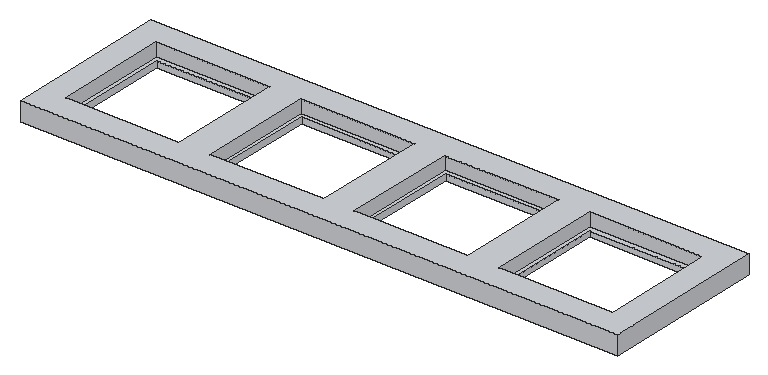
Revit family "Gira_021433", category Electrical Fixtures, host Face, Revit 2017
Family settings
  Host = Face
  Maintain Annotation Orientation = No
  Round Connector Dimension = Use Diameter
  Part Type = Normal
  Cut with Voids When Loaded = No
  Shared = No
  Room Calculation Point = No
Parameters (values of type "Cov.fr. 4-g Gira E2 stainl.steel")
  With mounting grid = "No"
  With hinged lid = "No"
  URL = "http://katalog.gira.de/en/datenblatt.html?artikelnr=021433"
  Type of fastening = "Clamp mounting"
  Transparent = "No"
  Surface protection = "Other"
  Suitable for wall duct = "No"
  Suitable for flush-mounted installation = "Yes"
  Suitable for floor box = "No"
  Suitable for built-in installation = "No"
  Number of units vertical = "4"
  Number of units horizontal = "4"
  Number of units = "4"
  Name = "Cov.fr. 4-g Gira E2 stainl.steel"
  Mounting direction = "Horizontal and vertical"
  Material quality = "Stainless steel"
  Material = "Metal"
  Manufacturer URL = "https://www.gira.de/"
  Manufacturer = "Gira"
  Label space/information surface = "No"
  Keynote = ""
  HeinzeBIM = "https://bimportal.heinze.de/bim/cov-fr-4-g-gira-e2-stainl-steel/dfda0ff0cea59fe803528272e6bfcbbc8bd1dbe7"
  Halogen free = "No"
  HAN = "021433"
  GTIN = "4010337019824"
  Description = "Cov.fr.4g E2 SST,Gira E2 cover frame,Stainless steel,4-gang,Notes :,- Also suitable for duct installation.,- In connection with the seal kit, frame (1-gang to 5-gang) is also suitable for installation as water-protected flush-mounted IP44."
  Degree of protection (IP) = "IP20"
  Default Elevation = 1219.2 mm
  Data sheet (1) = "https://katalog.gira.de/en/download.html?artikelnr=021433"
  Colour = "Stainless steel"
  Category = "Cover frame for domestic switching devices"
  BIM (1) = "https://media.stage.bim.site/public/gira/36a6b08/E2_Rahmen_4fach.rfa"
  Available = "No"
Reference planes
  plane 1 "Center (Front/Back)": y = 0
  plane 2: z = 0
  plane 3 "Center (Left/Right)": x = 0
Forms (mm)
  Extrusion 1, solid, detail levels fine
    sketch origin (0, 0, 0) x (1, 0, 0) y (0, 1, 0)
      loop
        line (147.35, 40.4) -> (-147.35, 40.4) -> (-147.35, -40.4) -> (147.35, -40.4) -> (147.35, 40.4)
      loop
        line (78.898, 28.052) -> (78.898, -28.052) -> (135.002, -28.052) -> (135.002, 28.052) -> (78.898, 28.052)
      loop
        line (7.598, 28.052) -> (7.598, -28.052) -> (63.702, -28.052) -> (63.702, 28.052) -> (7.598, 28.052)
      loop
        line (-63.702, 28.052) -> (-63.702, -28.052) -> (-7.598, -28.052) -> (-7.598, 28.052) -> (-63.702, 28.052)
      loop
        line (-135.002, 28.052) -> (-135.002, -28.052) -> (-78.898, -28.052) -> (-78.898, 28.052) -> (-135.002, 28.052)
    from 0 to 9.3
  Extrusion 2, solid, detail levels fine
    sketch origin (-106.85, 0, 0) x (1, 0, 0) y (0, 1, 0)
      loop
        line (-28.152, -28.152) -> (28.152, -28.152) -> (28.152, 28.152) -> (-28.152, 28.152) -> (-28.152, -28.152)
      loop
        line (25.9, -25.7) -> (25.9, 25.7) -> (-25.9, 25.7) -> (-25.9, -25.7) -> (25.9, -25.7)
    from 0 to 3
  Extrusion 3, solid, detail levels coarse+medium
    sketch origin (0, 0, 0) x (1, 0, 0) y (0, 1, 0)
      loop
        line (147.35, 40.4) -> (-147.35, 40.4) -> (-147.35, -40.4) -> (147.35, -40.4) -> (147.35, 40.4)
    from 0 to 9.3
  Extrusion 4, solid, detail levels fine
    sketch origin (-35.55, -0.047, 0) x (1, 0, 0) y (0, 1, 0)
      loop
        line (-28.152, -28.106) -> (28.152, -28.106) -> (28.152, 28.199) -> (-28.152, 28.199) -> (-28.152, -28.106)
      loop
        line (25.9, -25.653) -> (25.9, 25.747) -> (-25.9, 25.747) -> (-25.9, -25.653) -> (25.9, -25.653)
    from 0 to 3
  Extrusion 5, solid, detail levels fine
    sketch origin (106.85, -0.047, 0) x (1, 0, 0) y (0, 1, 0)
      loop
        line (-27.952, -28.006) -> (28.152, -28.006) -> (28.152, 28.099) -> (-27.952, 28.099) -> (-27.952, -28.006)
      loop
        line (26, -25.653) -> (26, 25.747) -> (-25.9, 25.747) -> (-25.9, -25.653) -> (26, -25.653)
    from 0 to 3
  Extrusion 6, solid, detail levels fine
    sketch origin (35.55, -0.047, 0) x (1, 0, 0) y (0, 1, 0)
      loop
        line (-27.952, -28.006) -> (28.152, -28.006) -> (28.152, 28.099) -> (-27.952, 28.099) -> (-27.952, -28.006)
      loop
        line (26, -25.653) -> (26, 25.747) -> (-25.9, 25.747) -> (-25.9, -25.653) -> (26, -25.653)
    from 0 to 3
Dimensions and locks
  aligned and locked: plane 2 to host face
  aligned and locked: level to host face
